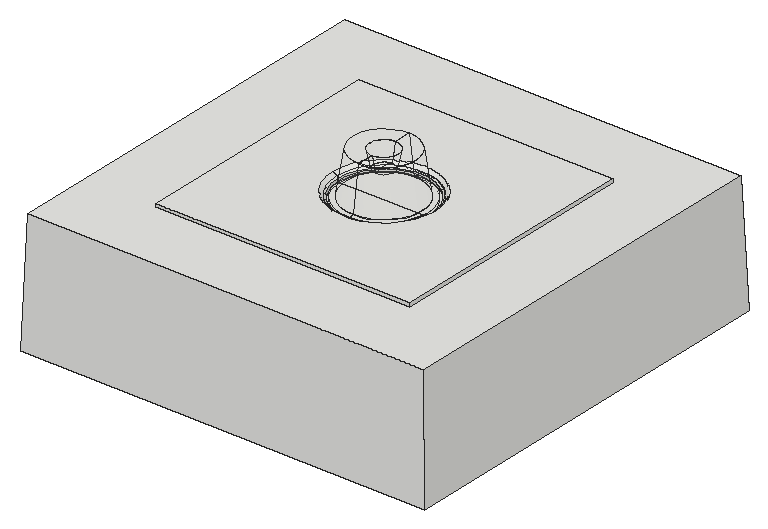
Revit family "Lighting_Emergency&Security_Linergy_vialed-high-mini-box", category Lighting Fixtures, host Face, Revit 2018
Family settings
  Host = Face
  Round Connector Dimension = Use Diameter
  Part Type = Normal
  OmniClass Number = 23.35.47.13
  OmniClass Title = Emergency Lighting
  Cut with Voids When Loaded = No
  Light Source = Yes
  Shared = No
  Room Calculation Point = No
Parameters (values of type "Default - please load Revit Family Type Catalog")
  z_visibility_s = yes
  z_visibility_a = no
  Wattage = 4.5 W
  built-in parameter 1150110 = 1 (stored number, unit not read)
  Voltage = 230 V
  URL - Photometric file (ldt) = "https://www.linergy.it/en/article/VF1201.S/fotometrico/"
  URL - Article page = "https://www.linergy.it/en/article/VF1201/"
  URL = "https://www.linergy.it/en/product/vialed-high-mini-box/"
  built-in parameter 1114217 = 1 (stored number, unit not read)
  Tilt Angle = 90.00°
  built-in parameter 1150109 = 1 (stored number, unit not read)
  built-in parameter 1150134 = 5
  Technical description = "https://www.linergy.it/en/product/vialed-high-mini-box/"
  built-in parameter 1150113 = 1 (stored number, unit not read)
  QR code = "https://bimobject.com/linergy/product/vialed-high-mini-box"
  Protection degree = "IP42"
  Product url = "https://www.linergy.it/en/product/vialed-high-mini-box/"
  Product name = "VIALED HIGH MINI BOX - Emergency lighting luminaire"
  Product group = "Vialed emergency luminaires"
  Product family = "Emergency luminaires"
  Product data url = "https://bimobject.com/linergy/product/vialed-high-mini-box"
  Product certification = "https://www.linergy.it/en/product/vialed-high-mini-box/"
  Product SKU = "vialed-high-mini-box"
  Product Guid = "40c63400-0822-4f0b-be39-1512d6707c9e"
  Power supply = "230 Vac"
  Power Factor = ""
  Photometric Web File = "generic"
  OmniClass Description = "Emergency Lighting"
  OmniClass Code = "23-35 47 13"
  Number of Poles = 1
  built-in parameter 1150142 = (empty or 0)
  Model = "VF1201.S"
  Material secondary = "Electronic & optical components"
  Material main = "PC/ABS"
  Manufacturer name = "Linergy"
  Manufacturer country = "Italy"
  Manufacturer = "Linergy"
  Main material = Linergy - Plastic - PVC White 9003
  built-in parameter 1150105 = 28.25 (stored number, unit not read)
  Lumens = 355.005 lm
  built-in parameter 1150115 = 1 (stored number, unit not read)
  built-in parameter 1150137 = (empty or 0)
  built-in parameter 1150139 = (empty or 0)
  Lamp type = "NM/M"
  built-in parameter 1150112 = 1 (stored number, unit not read)
  built-in parameter 1150114 = 1 (stored number, unit not read)
  Insulation class = "I"
  Installation instructions = "https://www.linergy.it/en/product/vialed-high-mini-box/"
  Input power = 4.5 W
  built-in parameter 1150132 = 2
  built-in parameter 1150102 = (empty or 0)
  built-in parameter 1150107 = 6000 (stored number, unit not read)
  built-in parameter 1150138 = (empty or 0)
  built-in parameter 1150106 = 0.099466 (stored number, unit not read)
  IFC Classification = "Light Fixture"
  Function = "Rest Mode"
  Flux N/M = 355 lm
  Flux M = 355 lm
  built-in parameter 1150104 = 10.557 (stored number, unit not read)
  Edition number = 1
  Duration = "1 h"
  Dimming Lamp Color Temperature Shift = <None>
  Detail material = Linergy - Plastic - Polycarbonate Transparent high polished
  Design country = "Italy"
  Description = "LED Emergency lighting luminaire. Ceiling mount. Vialed High ceiling version. Studied for high ceilings applications (over 10m). High lighting performances. Includes symmetrical and asymmetrical optics."  # constant formula
  Default Elevation = 1219.20 mm
  Color Filter = 16777215
  Battery = "Li-FePO4 3,2V 1,5Ah"
  built-in parameter 1114218 = 1 (stored number, unit not read)
  BIMobject category = "Emergency & Security"
  built-in parameter 1150133 = 10 (stored number, unit not read)
  Apparent Load Phase 3 = 0 VA
  Apparent Load Phase 2 = 0 VA
  Apparent Load Phase 1 = 0 VA
  Apparent Load = 0 VA
Reference planes
  plane 1 "Center (Front/Back)": y = 0
  plane 2: z = 0
  plane 3 "Center (Left/Right)": x = 0
  plane 4: x = 0
Forms (mm)
  Blend 1, solid, material "Linergy - Plastic - PVC White 9003" <- "Main material", detail levels fine
    base sketch origin (0, 0, 0) x (1, 0, 0) y (0, 1, 0)
      loop
        line (-63.844, 63.844) -> (-63.844, -63.844) -> (63.844, -63.844) -> (63.844, 63.844) -> (-63.844, 63.844)
    top sketch origin (0, 0, 0) x (1, 0, 0) y (0, 1, 0)
      loop
        line (-62.5, 62.5) -> (-62.5, -62.5) -> (62.5, -62.5) -> (62.5, 62.5) -> (-62.5, 62.5)
    from 0 to 38.5
  Extrusion 2, solid, material "Linergy - Plastic - PVC White 9003" <- "Main material", detail levels fine
    sketch origin (0, 0, 0) x (1, 0, 0) y (0, 1, 0)
      loop
        line (-40, 40) -> (-40, -40) -> (40, -40) -> (40, 40) -> (-40, 40)
    from 38.5 to 39.5
  Revolve 3, solid, material "Linergy - Plastic - Polycarbonate Transparent high polished" <- "Detail material", visible <- "z_visibility_s", detail levels fine
    sketch origin (0, 0, 0) x (0, 1, 0) y (0, 0, 1)
      loop
        line (0, 46.696) -> (0, 37.1) -> (13.75, 37.1) -> (13.75, 38.1) -> (12.079, 38.1) -> (9.947, 51.56) -> (4.502, 51.56) -> (3.293, 45.875)
        arc (3.293, 45.875) -> (1.696, 46.484) -> (0, 46.696) r 7.147
      axis (0, 51.56) -> (0, 37.1)
    angle from 0 to 360
  Revolve 4, void
    sketch origin (0, 0, 0) x (1, 0, 0) y (0, 0, 1)
      loop
        line (-16.123, 39.5) -> (-14.534, 38.018) -> (-14.534, 37.1) -> (0, 37.1) -> (0, 39.5) -> (-16.123, 39.5)
      axis (0, 37.1) -> (0, 39.5)
    angle from 0 to 360
  Extrusion 5, solid, material "Linergy - Plastic - PVC White 9003" <- "Main material", detail levels coarse+medium
    sketch origin (0, 0, 0) x (1, 0, 0) y (0, 1, 0)
      loop
        line (-63.844, 63.844) -> (-63.844, -63.844) -> (63.844, -63.844) -> (63.844, 63.844) -> (-63.844, 63.844)
    from 0 to 38.5
  Extrusion 6, solid, material "Linergy - Plastic - Polycarbonate Transparent high polished" <- "Detail material", visible <- "z_visibility_s", detail levels coarse+medium
    sketch origin (0, 0, 0) x (1, 0, 0) y (0, 1, 0)
      loop
        circle (0, 0) r 12.079
    from 38.5 to 51.56
  Extrusion 7, solid, material "Linergy - Plastic - Polycarbonate Transparent high polished" <- "Detail material", visible <- "z_visibility_a", detail levels fine
    sketch origin (0, 0, 0) x (0, 1, 0) y (0, 0, 1)
      loop
        arc (12.5, 46.147) -> (0, 48.818) -> (-12.5, 46.147) r 30.585
        line (-12.5, 46.147) -> (-12.5, 44.528)
        arc (-12.5, 44.528) -> (-10.8, 42.24) -> (-8.453, 40.621) r 8.744
        line (-8.453, 40.621) -> (-2.936, 38.02) -> (2.936, 38.02) -> (8.453, 40.621)
        arc (8.453, 40.621) -> (10.8, 42.24) -> (12.5, 44.528) r 8.744
        line (12.5, 44.528) -> (12.5, 46.147)
    from -10.362 to 10.368
  Extrusion 8, void
    sketch origin (0, 0, 0) x (1, 0, 0) y (0, 0, 1)
      loop
        line (-3.626, 53.96) -> (-3.019, 47.02)
        arc (-3.019, 47.02) -> (0, 47.624) -> (3.019, 47.02) r 7.85
        line (3.019, 47.02) -> (3.626, 53.96) -> (-3.626, 53.96)
      loop
        line (8.788, 48.887) -> (5.959, 42.534)
        arc (5.959, 42.534) -> (4.587, 40.12) -> (2.772, 38.02) r 14.195
        line (2.772, 38.02) -> (10.368, 38.02) -> (10.368, 48.887) -> (8.788, 48.887)
      loop
        line (-8.788, 48.887) -> (-10.362, 48.887) -> (-10.362, 38.02) -> (-2.772, 38.02)
        arc (-2.772, 38.02) -> (-4.587, 40.12) -> (-5.959, 42.534) r 14.195
        line (-5.959, 42.534) -> (-8.788, 48.887)
    from -12.5 to 12.5
  Extrusion 9, solid, material "Linergy - Plastic - Polycarbonate Transparent high polished" <- "Detail material", visible <- "z_visibility_a", detail levels coarse+medium
    sketch origin (0, 0, 0) x (1, 0, 0) y (0, 0, 1)
      loop
        arc (-5.959, 42.534) -> (-4.587, 40.12) -> (-2.772, 38.02) r 14.195
        line (-2.772, 38.02) -> (2.772, 38.02)
        arc (2.772, 38.02) -> (4.587, 40.12) -> (5.959, 42.534) r 14.195
        line (5.959, 42.534) -> (8.757, 48.818) -> (-8.757, 48.818) -> (-5.959, 42.534)
    from -12.5 to 12.5
  Extrusion 10, solid, material "Linergy - Plastic - Polycarbonate Transparent high polished" <- "Detail material", visible <- "z_visibility_a", detail levels fine
    sketch origin (0, 0, 0) x (1, 0, 0) y (0, 1, 0)
      loop
        circle (6.526, 7.386) r 1.6
      loop
        circle (-6.526, -7.386) r 1.6
    from 37.1 to 47.314
Cuts and joins
  Revolve 4 cuts Extrusion 2
  Revolve 4 cuts Blend 1
  Extrusion 8 cuts Extrusion 7
Lines and regions (mm)
  Masking region 1, visible <- "z_visibility_s"
    outline origin (0, 0, 0) x (0, 1, 0) y (0, 0, 1)
      loop
        line (63.844, 0) -> (62.5, 38.5) -> (40, 38.5) -> (40, 39.5) -> (11.857, 39.5) -> (9.947, 51.56) -> (-9.947, 51.56) -> (-11.878, 39.5) -> (-40, 39.5) -> (-40, 38.5) -> (-62.5, 38.5) -> (-63.844, 0) -> (63.844, 0)
  Masking region 2, visible <- "z_visibility_s"
    outline origin (0, 0, 0) x (0, 1, 0) y (0, 0, 1)
      loop
        line (63.844, 0) -> (62.5, 38.5) -> (40, 38.5) -> (40, 39.5) -> (11.857, 39.5) -> (9.947, 51.56) -> (-9.947, 51.56) -> (-11.878, 39.5) -> (-40, 39.5) -> (-40, 38.5) -> (-62.5, 38.5) -> (-63.844, 0) -> (63.844, 0)
  Masking region 3, visible <- "z_visibility_s"
    outline origin (0, 0, 0) x (1, 0, 0) y (0, 0, 1)
      loop
        line (-63.844, 0) -> (63.844, 0) -> (62.5, 38.5) -> (40, 38.5) -> (40, 39.5) -> (11.857, 39.5) -> (9.947, 51.56) -> (-9.947, 51.56) -> (-11.843, 39.5) -> (-40, 39.5) -> (-40, 38.5) -> (-62.5, 38.5) -> (-63.844, 0)
  Masking region 4, visible <- "z_visibility_a"
    outline origin (0, 0, 0) x (0, 1, 0) y (0, 0, 1)
      loop
        line (-62.5, 38.5) -> (-63.844, 0) -> (63.844, 0) -> (62.5, 38.5) -> (40, 38.5) -> (40, 39.5) -> (8.979, 39.5) -> (8.979, 40.891)
        arc (8.979, 40.891) -> (11.009, 42.449) -> (12.5, 44.528) r 8.744
        line (12.5, 44.528) -> (12.5, 46.147)
        arc (12.5, 46.147) -> (0, 48.818) -> (-12.5, 46.147) r 30.585
        line (-12.5, 46.147) -> (-12.5, 44.528)
        arc (-12.5, 44.528) -> (-11.015, 42.456) -> (-8.996, 40.9) r 8.744
        line (-8.996, 40.9) -> (-8.996, 39.5) -> (-40, 39.5) -> (-40, 38.5) -> (-62.5, 38.5)
  Masking region 5, visible <- "z_visibility_a"
    outline origin (0, 0, 0) x (1, 0, 0) y (0, 0, 1)
      loop
        line (-62.5, 38.5) -> (-63.844, 0) -> (63.844, 0) -> (62.5, 38.5) -> (40, 38.5) -> (40, 39.5) -> (8.137, 39.5) -> (8.137, 47.424) -> (8.761, 48.826) -> (3.177, 48.826) -> (3.019, 47.02)
        arc (3.019, 47.02) -> (0, 47.625) -> (-3.018, 47.012) r 7.783
        line (-3.018, 47.012) -> (-3.177, 48.826) -> (-8.761, 48.826) -> (-8.137, 47.424) -> (-8.137, 39.5) -> (-40, 39.5) -> (-40, 38.5) -> (-62.5, 38.5)
  symbolic lines
    curve 1: line (0, 11.857, 39.5) -> (0, -11.878, 39.5)
    curve 2: line (0, -40, 38.5) -> (0, 40, 38.5)
  symbolic lines, detail levels fine
    curve 3: line (0, 11.857, 39.5) -> (0, -11.878, 39.5)
    curve 4: line (0, -40, 38.5) -> (0, 40, 38.5)
    curve 5: line (-40, 0, 38.5) -> (40, 0, 38.5)
    curve 6: line (11.857, 0, 39.5) -> (-11.843, 0, 39.5)
  model lines, visible <- "z_visibility_a", detail levels fine
    curve 7: line (-8.137, 0, 47.424) -> (-4.608, 0, 39.5)
    curve 8: line (8.137, 0, 47.424) -> (4.608, 0, 39.5)
Dimensions and locks
  aligned and locked: plane 2 to host face
  aligned and locked: level to host face
Connectors
  electrical at (0, 0, 0), driven by "Voltage", driven by "Apparent Load"
    settings: on cut or joined group of Blend 1, Revolve 4, index 1, voltage 230 V, apparent load 0 VA, apparent load phase1 0 VA, apparent load phase2 0 VA, apparent load phase3 0 VA, power factor 1, load classification "Lighting", number of poles 1, system type 31, power factor state 1, is connector primary yes, connector utility no, sub classification motor no, connector description "Power input"
